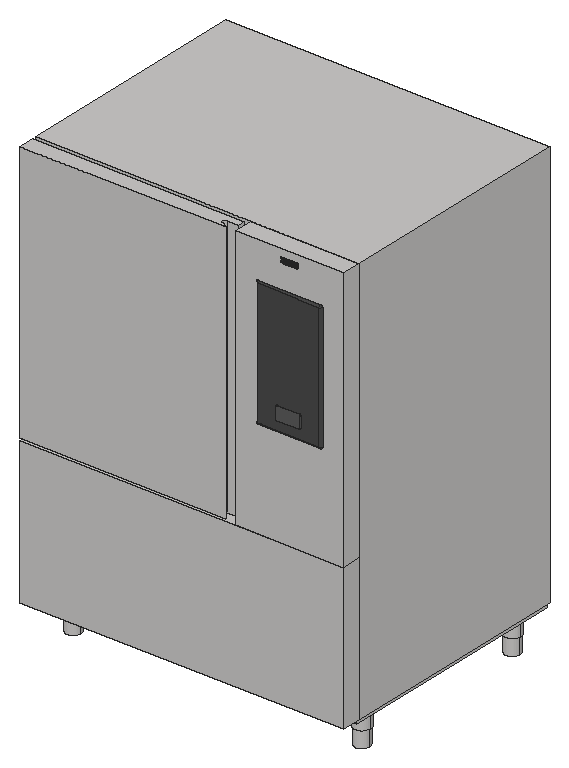
Revit family "QF_ZANUSSI_110549_ZBFA12E", category Specialty Equipment, Revit 2018 (continued)
Lines and regions (mm)
  Split face 233
    outline origin (170.176, -292.149, -108.618) x (-1, 0, 0) y (0, 0, -1)
      loop
        line (846.638, -548.639) -> (956.654, -548.639) -> (956.654, -543.665) -> (846.638, -543.665) -> (846.638, -548.639)
  Split face 234
    outline origin (170.176, -292.149, -99.118) x (-1, 0, 0) y (0, 0, -1)
      loop
        line (846.638, -548.639) -> (956.654, -548.639) -> (956.654, -543.665) -> (846.638, -543.665) -> (846.638, -548.639)
  Split face 235
    outline origin (170.176, -292.149, -89.618) x (-1, 0, 0) y (0, 0, -1)
      loop
        line (846.638, -548.639) -> (956.654, -548.639) -> (956.654, -543.665) -> (846.638, -543.665) -> (846.638, -548.639)
  Split face 236
    outline origin (170.176, -292.149, -80.117) x (-1, 0, 0) y (0, 0, -1)
      loop
        line (846.638, -548.639) -> (956.654, -548.639) -> (956.654, -543.665) -> (846.638, -543.665) -> (846.638, -548.639)
  Split face 237
    outline origin (170.176, -292.149, -70.617) x (-1, 0, 0) y (0, 0, -1)
      loop
        line (846.638, -548.639) -> (956.654, -548.639) -> (956.654, -543.665) -> (846.638, -543.665) -> (846.638, -548.639)
  Split face 238
    outline origin (170.176, -292.149, -61.117) x (-1, 0, 0) y (0, 0, -1)
      loop
        line (846.638, -548.639) -> (956.654, -548.639) -> (956.654, -543.665) -> (846.638, -543.665) -> (846.638, -548.639)
  Split face 239
    outline origin (170.176, -292.149, -51.617) x (-1, 0, 0) y (0, 0, -1)
      loop
        line (846.638, -548.639) -> (956.654, -548.639) -> (956.654, -543.665) -> (846.638, -543.665) -> (846.638, -548.639)
  Split face 240
    outline origin (170.176, -292.149, -42.117) x (-1, 0, 0) y (0, 0, -1)
      loop
        line (846.638, -548.639) -> (956.654, -548.639) -> (956.654, -543.665) -> (846.638, -543.665) -> (846.638, -548.639)
  Split face 241
    outline origin (170.176, -292.149, -32.617) x (-1, 0, 0) y (0, 0, -1)
      loop
        line (846.638, -548.639) -> (956.654, -548.639) -> (956.654, -543.665) -> (846.638, -543.665) -> (846.638, -548.639)
  Split face 242
    outline origin (170.176, -292.149, -23.117) x (-1, 0, 0) y (0, 0, -1)
      loop
        line (846.638, -548.639) -> (956.654, -548.639) -> (956.654, -543.665) -> (846.638, -543.665) -> (846.638, -548.639)
  Split face 243
    outline origin (170.176, -292.149, -13.617) x (-1, 0, 0) y (0, 0, -1)
      loop
        line (846.638, -548.639) -> (956.654, -548.639) -> (956.654, -543.665) -> (846.638, -543.665) -> (846.638, -548.639)
  Split face 244
    outline origin (170.176, -292.149, -4.117) x (-1, 0, 0) y (0, 0, -1)
      loop
        line (846.638, -548.639) -> (956.654, -548.639) -> (956.654, -543.665) -> (846.638, -543.665) -> (846.638, -548.639)
  Split face 245
    outline origin (170.176, -292.149, 5.383) x (-1, 0, 0) y (0, 0, -1)
      loop
        line (846.638, -548.639) -> (956.654, -548.639) -> (956.654, -543.665) -> (846.638, -543.665) -> (846.638, -548.639)
  Split face 246
    outline origin (170.176, -292.149, 14.883) x (-1, 0, 0) y (0, 0, -1)
      loop
        line (846.638, -548.639) -> (956.654, -548.639) -> (956.654, -543.665) -> (846.638, -543.665) -> (846.638, -548.639)
  Split face 247
    outline origin (50.185, -292.149, -365.12) x (-1, 0, 0) y (0, 0, -1)
      loop
        line (846.638, -548.639) -> (956.654, -548.639) -> (956.654, -543.665) -> (846.638, -543.665) -> (846.638, -548.639)
  Split face 248
    outline origin (50.185, -292.149, -355.62) x (-1, 0, 0) y (0, 0, -1)
      loop
        line (846.638, -548.639) -> (956.654, -548.639) -> (956.654, -543.665) -> (846.638, -543.665) -> (846.638, -548.639)
  Split face 249
    outline origin (50.185, -292.149, -346.12) x (-1, 0, 0) y (0, 0, -1)
      loop
        line (846.638, -548.639) -> (956.654, -548.639) -> (956.654, -543.665) -> (846.638, -543.665) -> (846.638, -548.639)
  Split face 250
    outline origin (50.185, -292.149, -336.62) x (-1, 0, 0) y (0, 0, -1)
      loop
        line (846.638, -548.639) -> (956.654, -548.639) -> (956.654, -543.665) -> (846.638, -543.665) -> (846.638, -548.639)
  Split face 251
    outline origin (50.185, -292.149, -327.12) x (-1, 0, 0) y (0, 0, -1)
      loop
        line (846.638, -548.639) -> (956.654, -548.639) -> (956.654, -543.665) -> (846.638, -543.665) -> (846.638, -548.639)
  Split face 252
    outline origin (50.185, -292.149, -317.619) x (-1, 0, 0) y (0, 0, -1)
      loop
        line (846.638, -548.639) -> (956.654, -548.639) -> (956.654, -543.665) -> (846.638, -543.665) -> (846.638, -548.639)
  Split face 253
    outline origin (50.185, -292.149, -308.119) x (-1, 0, 0) y (0, 0, -1)
      loop
        line (846.638, -548.639) -> (956.654, -548.639) -> (956.654, -543.665) -> (846.638, -543.665) -> (846.638, -548.639)
  Split face 254
    outline origin (50.185, -292.149, -298.619) x (-1, 0, 0) y (0, 0, -1)
      loop
        line (846.638, -548.639) -> (956.654, -548.639) -> (956.654, -543.665) -> (846.638, -543.665) -> (846.638, -548.639)
  Split face 255
    outline origin (50.185, -292.149, -289.119) x (-1, 0, 0) y (0, 0, -1)
      loop
        line (846.638, -548.639) -> (956.654, -548.639) -> (956.654, -543.665) -> (846.638, -543.665) -> (846.638, -548.639)
  Split face 256
    outline origin (50.185, -292.149, -279.619) x (-1, 0, 0) y (0, 0, -1)
      loop
        line (846.638, -548.639) -> (956.654, -548.639) -> (956.654, -543.665) -> (846.638, -543.665) -> (846.638, -548.639)
  Split face 257
    outline origin (50.185, -292.149, -270.119) x (-1, 0, 0) y (0, 0, -1)
      loop
        line (846.638, -548.639) -> (956.654, -548.639) -> (956.654, -543.665) -> (846.638, -543.665) -> (846.638, -548.639)
  Split face 258
    outline origin (50.185, -292.149, -260.619) x (-1, 0, 0) y (0, 0, -1)
      loop
        line (846.638, -548.639) -> (956.654, -548.639) -> (956.654, -543.665) -> (846.638, -543.665) -> (846.638, -548.639)
  Split face 259
    outline origin (50.185, -292.149, -251.119) x (-1, 0, 0) y (0, 0, -1)
      loop
        line (846.638, -548.639) -> (956.654, -548.639) -> (956.654, -543.665) -> (846.638, -543.665) -> (846.638, -548.639)
  Split face 260
    outline origin (50.185, -292.149, -241.619) x (-1, 0, 0) y (0, 0, -1)
      loop
        line (846.638, -548.639) -> (956.654, -548.639) -> (956.654, -543.665) -> (846.638, -543.665) -> (846.638, -548.639)
  Split face 261
    outline origin (50.185, -292.149, -232.119) x (-1, 0, 0) y (0, 0, -1)
      loop
        line (846.638, -548.639) -> (956.654, -548.639) -> (956.654, -543.665) -> (846.638, -543.665) -> (846.638, -548.639)
  Split face 262
    outline origin (50.185, -292.149, -222.619) x (-1, 0, 0) y (0, 0, -1)
      loop
        line (846.638, -548.639) -> (956.654, -548.639) -> (956.654, -543.665) -> (846.638, -543.665) -> (846.638, -548.639)
  Split face 263
    outline origin (50.185, -292.149, -213.119) x (-1, 0, 0) y (0, 0, -1)
      loop
        line (846.638, -548.639) -> (956.654, -548.639) -> (956.654, -543.665) -> (846.638, -543.665) -> (846.638, -548.639)
  Split face 264
    outline origin (50.185, -292.149, -203.619) x (-1, 0, 0) y (0, 0, -1)
      loop
        line (846.638, -548.639) -> (956.654, -548.639) -> (956.654, -543.665) -> (846.638, -543.665) -> (846.638, -548.639)
  Split face 265
    outline origin (50.185, -292.149, -194.118) x (-1, 0, 0) y (0, 0, -1)
      loop
        line (846.638, -548.639) -> (956.654, -548.639) -> (956.654, -543.665) -> (846.638, -543.665) -> (846.638, -548.639)
  Split face 266
    outline origin (50.185, -292.149, -184.618) x (-1, 0, 0) y (0, 0, -1)
      loop
        line (846.638, -548.639) -> (956.654, -548.639) -> (956.654, -543.665) -> (846.638, -543.665) -> (846.638, -548.639)
  Split face 267
    outline origin (50.185, -292.149, -175.118) x (-1, 0, 0) y (0, 0, -1)
      loop
        line (846.638, -548.639) -> (956.654, -548.639) -> (956.654, -543.665) -> (846.638, -543.665) -> (846.638, -548.639)
  Split face 268
    outline origin (50.185, -292.149, -165.618) x (-1, 0, 0) y (0, 0, -1)
      loop
        line (846.638, -548.639) -> (956.654, -548.639) -> (956.654, -543.665) -> (846.638, -543.665) -> (846.638, -548.639)
  Split face 269
    outline origin (50.185, -292.149, -156.118) x (-1, 0, 0) y (0, 0, -1)
      loop
        line (846.638, -548.639) -> (956.654, -548.639) -> (956.654, -543.665) -> (846.638, -543.665) -> (846.638, -548.639)
  Split face 270
    outline origin (50.185, -292.149, -146.618) x (-1, 0, 0) y (0, 0, -1)
      loop
        line (846.638, -548.639) -> (956.654, -548.639) -> (956.654, -543.665) -> (846.638, -543.665) -> (846.638, -548.639)
  Split face 271
    outline origin (50.185, -292.149, -137.118) x (-1, 0, 0) y (0, 0, -1)
      loop
        line (846.638, -548.639) -> (956.654, -548.639) -> (956.654, -543.665) -> (846.638, -543.665) -> (846.638, -548.639)
  Split face 272
    outline origin (50.185, -292.149, -127.618) x (-1, 0, 0) y (0, 0, -1)
      loop
        line (846.638, -548.639) -> (956.654, -548.639) -> (956.654, -543.665) -> (846.638, -543.665) -> (846.638, -548.639)
  Split face 273
    outline origin (50.185, -292.149, -118.118) x (-1, 0, 0) y (0, 0, -1)
      loop
        line (846.638, -548.639) -> (956.654, -548.639) -> (956.654, -543.665) -> (846.638, -543.665) -> (846.638, -548.639)
  Split face 274
    outline origin (50.185, -292.149, -108.618) x (-1, 0, 0) y (0, 0, -1)
      loop
        line (846.638, -548.639) -> (956.654, -548.639) -> (956.654, -543.665) -> (846.638, -543.665) -> (846.638, -548.639)
  Split face 275
    outline origin (50.185, -292.149, -99.118) x (-1, 0, 0) y (0, 0, -1)
      loop
        line (846.638, -548.639) -> (956.654, -548.639) -> (956.654, -543.665) -> (846.638, -543.665) -> (846.638, -548.639)
  Split face 276
    outline origin (50.185, -292.149, -89.618) x (-1, 0, 0) y (0, 0, -1)
      loop
        line (846.638, -548.639) -> (956.654, -548.639) -> (956.654, -543.665) -> (846.638, -543.665) -> (846.638, -548.639)
  Split face 277
    outline origin (50.185, -292.149, -80.117) x (-1, 0, 0) y (0, 0, -1)
      loop
        line (846.638, -548.639) -> (956.654, -548.639) -> (956.654, -543.665) -> (846.638, -543.665) -> (846.638, -548.639)
  Split face 278
    outline origin (50.185, -292.149, -70.617) x (-1, 0, 0) y (0, 0, -1)
      loop
        line (846.638, -548.639) -> (956.654, -548.639) -> (956.654, -543.665) -> (846.638, -543.665) -> (846.638, -548.639)
  Split face 279
    outline origin (50.185, -292.149, -61.117) x (-1, 0, 0) y (0, 0, -1)
      loop
        line (846.638, -548.639) -> (956.654, -548.639) -> (956.654, -543.665) -> (846.638, -543.665) -> (846.638, -548.639)
  Split face 280
    outline origin (50.185, -292.149, -51.617) x (-1, 0, 0) y (0, 0, -1)
      loop
        line (846.638, -548.639) -> (956.654, -548.639) -> (956.654, -543.665) -> (846.638, -543.665) -> (846.638, -548.639)
  Split face 281
    outline origin (50.185, -292.149, -42.117) x (-1, 0, 0) y (0, 0, -1)
      loop
        line (846.638, -548.639) -> (956.654, -548.639) -> (956.654, -543.665) -> (846.638, -543.665) -> (846.638, -548.639)
  Split face 282
    outline origin (50.185, -292.149, -32.617) x (-1, 0, 0) y (0, 0, -1)
      loop
        line (846.638, -548.639) -> (956.654, -548.639) -> (956.654, -543.665) -> (846.638, -543.665) -> (846.638, -548.639)
  Split face 283
    outline origin (50.185, -292.149, -23.117) x (-1, 0, 0) y (0, 0, -1)
      loop
        line (846.638, -548.639) -> (956.654, -548.639) -> (956.654, -543.665) -> (846.638, -543.665) -> (846.638, -548.639)
  Split face 284
    outline origin (50.185, -292.149, -13.617) x (-1, 0, 0) y (0, 0, -1)
      loop
        line (846.638, -548.639) -> (956.654, -548.639) -> (956.654, -543.665) -> (846.638, -543.665) -> (846.638, -548.639)
  Split face 285
    outline origin (50.185, -292.149, -4.117) x (-1, 0, 0) y (0, 0, -1)
      loop
        line (846.638, -548.639) -> (956.654, -548.639) -> (956.654, -543.665) -> (846.638, -543.665) -> (846.638, -548.639)
  Split face 286
    outline origin (50.185, -292.149, 5.383) x (-1, 0, 0) y (0, 0, -1)
      loop
        line (846.638, -548.639) -> (956.654, -548.639) -> (956.654, -543.665) -> (846.638, -543.665) -> (846.638, -548.639)
  Split face 287
    outline origin (50.185, -292.149, 14.883) x (-1, 0, 0) y (0, 0, -1)
      loop
        line (846.638, -548.639) -> (956.654, -548.639) -> (956.654, -543.665) -> (846.638, -543.665) -> (846.638, -548.639)
  Split face 288
    outline origin (530.15, -292.149, -365.12) x (-1, 0, 0) y (0, 0, -1)
      loop
        line (846.638, -548.639) -> (956.654, -548.639) -> (956.654, -543.665) -> (846.638, -543.665) -> (846.638, -548.639)
  Split face 289
    outline origin (530.15, -292.149, -355.62) x (-1, 0, 0) y (0, 0, -1)
      loop
        line (846.638, -548.639) -> (956.654, -548.639) -> (956.654, -543.665) -> (846.638, -543.665) -> (846.638, -548.639)
  Split face 290
    outline origin (530.15, -292.149, -346.12) x (-1, 0, 0) y (0, 0, -1)
      loop
        line (846.638, -548.639) -> (956.654, -548.639) -> (956.654, -543.665) -> (846.638, -543.665) -> (846.638, -548.639)
  Split face 291
    outline origin (530.15, -292.149, -336.62) x (-1, 0, 0) y (0, 0, -1)
      loop
        line (846.638, -548.639) -> (956.654, -548.639) -> (956.654, -543.665) -> (846.638, -543.665) -> (846.638, -548.639)
  Split face 292
    outline origin (530.15, -292.149, -327.12) x (-1, 0, 0) y (0, 0, -1)
      loop
        line (846.638, -548.639) -> (956.654, -548.639) -> (956.654, -543.665) -> (846.638, -543.665) -> (846.638, -548.639)
  Split face 293
    outline origin (530.15, -292.149, -317.619) x (-1, 0, 0) y (0, 0, -1)
      loop
        line (846.638, -548.639) -> (956.654, -548.639) -> (956.654, -543.665) -> (846.638, -543.665) -> (846.638, -548.639)
  Split face 294
    outline origin (530.15, -292.149, -308.119) x (-1, 0, 0) y (0, 0, -1)
      loop
        line (846.638, -548.639) -> (956.654, -548.639) -> (956.654, -543.665) -> (846.638, -543.665) -> (846.638, -548.639)
  Split face 295
    outline origin (530.15, -292.149, -298.619) x (-1, 0, 0) y (0, 0, -1)
      loop
        line (846.638, -548.639) -> (956.654, -548.639) -> (956.654, -543.665) -> (846.638, -543.665) -> (846.638, -548.639)
  Split face 296
    outline origin (530.15, -292.149, -289.119) x (-1, 0, 0) y (0, 0, -1)
      loop
        line (846.638, -548.639) -> (956.654, -548.639) -> (956.654, -543.665) -> (846.638, -543.665) -> (846.638, -548.639)
  Split face 297
    outline origin (530.15, -292.149, -279.619) x (-1, 0, 0) y (0, 0, -1)
      loop
        line (846.638, -548.639) -> (956.654, -548.639) -> (956.654, -543.665) -> (846.638, -543.665) -> (846.638, -548.639)
  Split face 298
    outline origin (530.15, -292.149, -270.119) x (-1, 0, 0) y (0, 0, -1)
      loop
        line (846.638, -548.639) -> (956.654, -548.639) -> (956.654, -543.665) -> (846.638, -543.665) -> (846.638, -548.639)
  Split face 299
    outline origin (530.15, -292.149, -260.619) x (-1, 0, 0) y (0, 0, -1)
      loop
        line (846.638, -548.639) -> (956.654, -548.639) -> (956.654, -543.665) -> (846.638, -543.665) -> (846.638, -548.639)
  Split face 300
    outline origin (530.15, -292.149, -251.119) x (-1, 0, 0) y (0, 0, -1)
      loop
        line (846.638, -548.639) -> (956.654, -548.639) -> (956.654, -543.665) -> (846.638, -543.665) -> (846.638, -548.639)
  Split face 301
    outline origin (530.15, -292.149, -241.619) x (-1, 0, 0) y (0, 0, -1)
      loop
        line (846.638, -548.639) -> (956.654, -548.639) -> (956.654, -543.665) -> (846.638, -543.665) -> (846.638, -548.639)
  Split face 302
    outline origin (530.15, -292.149, -232.119) x (-1, 0, 0) y (0, 0, -1)
      loop
        line (846.638, -548.639) -> (956.654, -548.639) -> (956.654, -543.665) -> (846.638, -543.665) -> (846.638, -548.639)
  Split face 303
    outline origin (530.15, -292.149, -222.619) x (-1, 0, 0) y (0, 0, -1)
      loop
        line (846.638, -548.639) -> (956.654, -548.639) -> (956.654, -543.665) -> (846.638, -543.665) -> (846.638, -548.639)
  Split face 304
    outline origin (530.15, -292.149, -213.119) x (-1, 0, 0) y (0, 0, -1)
      loop
        line (846.638, -548.639) -> (956.654, -548.639) -> (956.654, -543.665) -> (846.638, -543.665) -> (846.638, -548.639)
  Split face 305
    outline origin (530.15, -292.149, -203.619) x (-1, 0, 0) y (0, 0, -1)
      loop
        line (846.638, -548.639) -> (956.654, -548.639) -> (956.654, -543.665) -> (846.638, -543.665) -> (846.638, -548.639)
  Split face 306
    outline origin (530.15, -292.149, -194.118) x (-1, 0, 0) y (0, 0, -1)
      loop
        line (846.638, -548.639) -> (956.654, -548.639) -> (956.654, -543.665) -> (846.638, -543.665) -> (846.638, -548.639)
  Split face 307
    outline origin (530.15, -292.149, -184.618) x (-1, 0, 0) y (0, 0, -1)
      loop
        line (846.638, -548.639) -> (956.654, -548.639) -> (956.654, -543.665) -> (846.638, -543.665) -> (846.638, -548.639)
  Split face 308
    outline origin (530.15, -292.149, -175.118) x (-1, 0, 0) y (0, 0, -1)
      loop
        line (846.638, -548.639) -> (956.654, -548.639) -> (956.654, -543.665) -> (846.638, -543.665) -> (846.638, -548.639)
  Split face 309
    outline origin (530.15, -292.149, -165.618) x (-1, 0, 0) y (0, 0, -1)
      loop
        line (846.638, -548.639) -> (956.654, -548.639) -> (956.654, -543.665) -> (846.638, -543.665) -> (846.638, -548.639)
  Split face 310
    outline origin (530.15, -292.149, -156.118) x (-1, 0, 0) y (0, 0, -1)
      loop
        line (846.638, -548.639) -> (956.654, -548.639) -> (956.654, -543.665) -> (846.638, -543.665) -> (846.638, -548.639)
  Split face 311
    outline origin (530.15, -292.149, -146.618) x (-1, 0, 0) y (0, 0, -1)
      loop
        line (846.638, -548.639) -> (956.654, -548.639) -> (956.654, -543.665) -> (846.638, -543.665) -> (846.638, -548.639)
  Split face 312
    outline origin (530.15, -292.149, -137.118) x (-1, 0, 0) y (0, 0, -1)
      loop
        line (846.638, -548.639) -> (956.654, -548.639) -> (956.654, -543.665) -> (846.638, -543.665) -> (846.638, -548.639)
  Split face 313
    outline origin (530.15, -292.149, -127.618) x (-1, 0, 0) y (0, 0, -1)
      loop
        line (846.638, -548.639) -> (956.654, -548.639) -> (956.654, -543.665) -> (846.638, -543.665) -> (846.638, -548.639)
  Split face 314
    outline origin (530.15, -292.149, -118.118) x (-1, 0, 0) y (0, 0, -1)
      loop
        line (846.638, -548.639) -> (956.654, -548.639) -> (956.654, -543.665) -> (846.638, -543.665) -> (846.638, -548.639)
  Split face 315
    outline origin (530.15, -292.149, -108.618) x (-1, 0, 0) y (0, 0, -1)
      loop
        line (846.638, -548.639) -> (956.654, -548.639) -> (956.654, -543.665) -> (846.638, -543.665) -> (846.638, -548.639)
  Split face 316
    outline origin (530.15, -292.149, -99.118) x (-1, 0, 0) y (0, 0, -1)
      loop
        line (846.638, -548.639) -> (956.654, -548.639) -> (956.654, -543.665) -> (846.638, -543.665) -> (846.638, -548.639)
  Split face 317
    outline origin (530.15, -292.149, -89.618) x (-1, 0, 0) y (0, 0, -1)
      loop
        line (846.638, -548.639) -> (956.654, -548.639) -> (956.654, -543.665) -> (846.638, -543.665) -> (846.638, -548.639)
  Split face 318
    outline origin (530.15, -292.149, -80.117) x (-1, 0, 0) y (0, 0, -1)
      loop
        line (846.638, -548.639) -> (956.654, -548.639) -> (956.654, -543.665) -> (846.638, -543.665) -> (846.638, -548.639)
  Split face 319
    outline origin (530.15, -292.149, -70.617) x (-1, 0, 0) y (0, 0, -1)
      loop
        line (846.638, -548.639) -> (956.654, -548.639) -> (956.654, -543.665) -> (846.638, -543.665) -> (846.638, -548.639)
  Split face 320
    outline origin (530.15, -292.149, -61.117) x (-1, 0, 0) y (0, 0, -1)
      loop
        line (846.638, -548.639) -> (956.654, -548.639) -> (956.654, -543.665) -> (846.638, -543.665) -> (846.638, -548.639)
  Split face 321
    outline origin (530.15, -292.149, -51.617) x (-1, 0, 0) y (0, 0, -1)
      loop
        line (846.638, -548.639) -> (956.654, -548.639) -> (956.654, -543.665) -> (846.638, -543.665) -> (846.638, -548.639)
  Split face 322
    outline origin (530.15, -292.149, -42.117) x (-1, 0, 0) y (0, 0, -1)
      loop
        line (846.638, -548.639) -> (956.654, -548.639) -> (956.654, -543.665) -> (846.638, -543.665) -> (846.638, -548.639)
  Split face 323
    outline origin (530.15, -292.149, -32.617) x (-1, 0, 0) y (0, 0, -1)
      loop
        line (846.638, -548.639) -> (956.654, -548.639) -> (956.654, -543.665) -> (846.638, -543.665) -> (846.638, -548.639)
  Split face 324
    outline origin (530.15, -292.149, -23.117) x (-1, 0, 0) y (0, 0, -1)
      loop
        line (846.638, -548.639) -> (956.654, -548.639) -> (956.654, -543.665) -> (846.638, -543.665) -> (846.638, -548.639)
  Split face 325
    outline origin (530.15, -292.149, -13.617) x (-1, 0, 0) y (0, 0, -1)
      loop
        line (846.638, -548.639) -> (956.654, -548.639) -> (956.654, -543.665) -> (846.638, -543.665) -> (846.638, -548.639)
  Split face 326
    outline origin (530.15, -292.149, -4.117) x (-1, 0, 0) y (0, 0, -1)
      loop
        line (846.638, -548.639) -> (956.654, -548.639) -> (956.654, -543.665) -> (846.638, -543.665) -> (846.638, -548.639)
  Split face 327
    outline origin (530.15, -292.149, 5.383) x (-1, 0, 0) y (0, 0, -1)
      loop
        line (846.638, -548.639) -> (956.654, -548.639) -> (956.654, -543.665) -> (846.638, -543.665) -> (846.638, -548.639)
  Split face 328
    outline origin (530.15, -292.149, 14.883) x (-1, 0, 0) y (0, 0, -1)
      loop
        line (846.638, -548.639) -> (956.654, -548.639) -> (956.654, -543.665) -> (846.638, -543.665) -> (846.638, -548.639)
  Split face 329
    outline origin (410.159, -292.149, -365.12) x (-1, 0, 0) y (0, 0, -1)
      loop
        line (846.638, -548.639) -> (956.654, -548.639) -> (956.654, -543.665) -> (846.638, -543.665) -> (846.638, -548.639)
  Split face 330
    outline origin (410.159, -292.149, -355.62) x (-1, 0, 0) y (0, 0, -1)
      loop
        line (846.638, -548.639) -> (956.654, -548.639) -> (956.654, -543.665) -> (846.638, -543.665) -> (846.638, -548.639)
  Split face 331
    outline origin (410.159, -292.149, -346.12) x (-1, 0, 0) y (0, 0, -1)
      loop
        line (846.638, -548.639) -> (956.654, -548.639) -> (956.654, -543.665) -> (846.638, -543.665) -> (846.638, -548.639)
  Split face 332
    outline origin (410.159, -292.149, -336.62) x (-1, 0, 0) y (0, 0, -1)
      loop
        line (846.638, -548.639) -> (956.654, -548.639) -> (956.654, -543.665) -> (846.638, -543.665) -> (846.638, -548.639)
  Split face 333
    outline origin (410.159, -292.149, -327.12) x (-1, 0, 0) y (0, 0, -1)
      loop
        line (846.638, -548.639) -> (956.654, -548.639) -> (956.654, -543.665) -> (846.638, -543.665) -> (846.638, -548.639)
  Split face 334
    outline origin (410.159, -292.149, -317.619) x (-1, 0, 0) y (0, 0, -1)
      loop
        line (846.638, -548.639) -> (956.654, -548.639) -> (956.654, -543.665) -> (846.638, -543.665) -> (846.638, -548.639)
  Split face 335
    outline origin (410.159, -292.149, -308.119) x (-1, 0, 0) y (0, 0, -1)
      loop
        line (846.638, -548.639) -> (956.654, -548.639) -> (956.654, -543.665) -> (846.638, -543.665) -> (846.638, -548.639)
  Split face 336
    outline origin (410.159, -292.149, -298.619) x (-1, 0, 0) y (0, 0, -1)
      loop
        line (846.638, -548.639) -> (956.654, -548.639) -> (956.654, -543.665) -> (846.638, -543.665) -> (846.638, -548.639)
  Split face 337
    outline origin (410.159, -292.149, -289.119) x (-1, 0, 0) y (0, 0, -1)
      loop
        line (846.638, -548.639) -> (956.654, -548.639) -> (956.654, -543.665) -> (846.638, -543.665) -> (846.638, -548.639)
  Split face 338
    outline origin (410.159, -292.149, -279.619) x (-1, 0, 0) y (0, 0, -1)
      loop
        line (846.638, -548.639) -> (956.654, -548.639) -> (956.654, -543.665) -> (846.638, -543.665) -> (846.638, -548.639)
  Split face 339
    outline origin (410.159, -292.149, -270.119) x (-1, 0, 0) y (0, 0, -1)
      loop
        line (846.638, -548.639) -> (956.654, -548.639) -> (956.654, -543.665) -> (846.638, -543.665) -> (846.638, -548.639)
  Split face 340
    outline origin (410.159, -292.149, -260.619) x (-1, 0, 0) y (0, 0, -1)
      loop
        line (846.638, -548.639) -> (956.654, -548.639) -> (956.654, -543.665) -> (846.638, -543.665) -> (846.638, -548.639)
  Split face 341
    outline origin (410.159, -292.149, -251.119) x (-1, 0, 0) y (0, 0, -1)
      loop
        line (846.638, -548.639) -> (956.654, -548.639) -> (956.654, -543.665) -> (846.638, -543.665) -> (846.638, -548.639)
  Split face 342
    outline origin (410.159, -292.149, -241.619) x (-1, 0, 0) y (0, 0, -1)
      loop
        line (846.638, -548.639) -> (956.654, -548.639) -> (956.654, -543.665) -> (846.638, -543.665) -> (846.638, -548.639)
  Split face 343
    outline origin (410.159, -292.149, -232.119) x (-1, 0, 0) y (0, 0, -1)
      loop
        line (846.638, -548.639) -> (956.654, -548.639) -> (956.654, -543.665) -> (846.638, -543.665) -> (846.638, -548.639)
  Split face 344
    outline origin (410.159, -292.149, -222.619) x (-1, 0, 0) y (0, 0, -1)
      loop
        line (846.638, -548.639) -> (956.654, -548.639) -> (956.654, -543.665) -> (846.638, -543.665) -> (846.638, -548.639)
  Split face 345
    outline origin (410.159, -292.149, -213.119) x (-1, 0, 0) y (0, 0, -1)
      loop
        line (846.638, -548.639) -> (956.654, -548.639) -> (956.654, -543.665) -> (846.638, -543.665) -> (846.638, -548.639)
  Split face 346
    outline origin (410.159, -292.149, -203.619) x (-1, 0, 0) y (0, 0, -1)
      loop
        line (846.638, -548.639) -> (956.654, -548.639) -> (956.654, -543.665) -> (846.638, -543.665) -> (846.638, -548.639)
  Split face 347
    outline origin (410.159, -292.149, -194.118) x (-1, 0, 0) y (0, 0, -1)
      loop
        line (846.638, -548.639) -> (956.654, -548.639) -> (956.654, -543.665) -> (846.638, -543.665) -> (846.638, -548.639)
  Split face 348
    outline origin (410.159, -292.149, -184.618) x (-1, 0, 0) y (0, 0, -1)
      loop
        line (846.638, -548.639) -> (956.654, -548.639) -> (956.654, -543.665) -> (846.638, -543.665) -> (846.638, -548.639)
  Split face 349
    outline origin (410.159, -292.149, -175.118) x (-1, 0, 0) y (0, 0, -1)
      loop
        line (846.638, -548.639) -> (956.654, -548.639) -> (956.654, -543.665) -> (846.638, -543.665) -> (846.638, -548.639)
  Split face 350
    outline origin (410.159, -292.149, -165.618) x (-1, 0, 0) y (0, 0, -1)
      loop
        line (846.638, -548.639) -> (956.654, -548.639) -> (956.654, -543.665) -> (846.638, -543.665) -> (846.638, -548.639)
  Split face 351
    outline origin (410.159, -292.149, -156.118) x (-1, 0, 0) y (0, 0, -1)
      loop
        line (846.638, -548.639) -> (956.654, -548.639) -> (956.654, -543.665) -> (846.638, -543.665) -> (846.638, -548.639)
  Split face 352
    outline origin (410.159, -292.149, -146.618) x (-1, 0, 0) y (0, 0, -1)
      loop
        line (846.638, -548.639) -> (956.654, -548.639) -> (956.654, -543.665) -> (846.638, -543.665) -> (846.638, -548.639)
  Split face 353
    outline origin (410.159, -292.149, -137.118) x (-1, 0, 0) y (0, 0, -1)
      loop
        line (846.638, -548.639) -> (956.654, -548.639) -> (956.654, -543.665) -> (846.638, -543.665) -> (846.638, -548.639)
  Split face 354
    outline origin (410.159, -292.149, -127.618) x (-1, 0, 0) y (0, 0, -1)
      loop
        line (846.638, -548.639) -> (956.654, -548.639) -> (956.654, -543.665) -> (846.638, -543.665) -> (846.638, -548.639)
  Split face 355
    outline origin (410.159, -292.149, -118.118) x (-1, 0, 0) y (0, 0, -1)
      loop
        line (846.638, -548.639) -> (956.654, -548.639) -> (956.654, -543.665) -> (846.638, -543.665) -> (846.638, -548.639)
  Split face 356
    outline origin (410.159, -292.149, -108.618) x (-1, 0, 0) y (0, 0, -1)
      loop
        line (846.638, -548.639) -> (956.654, -548.639) -> (956.654, -543.665) -> (846.638, -543.665) -> (846.638, -548.639)
  Split face 357
    outline origin (410.159, -292.149, -99.118) x (-1, 0, 0) y (0, 0, -1)
      loop
        line (846.638, -548.639) -> (956.654, -548.639) -> (956.654, -543.665) -> (846.638, -543.665) -> (846.638, -548.639)
  Split face 358
    outline origin (410.159, -292.149, -89.618) x (-1, 0, 0) y (0, 0, -1)
      loop
        line (846.638, -548.639) -> (956.654, -548.639) -> (956.654, -543.665) -> (846.638, -543.665) -> (846.638, -548.639)
  Split face 359
    outline origin (410.159, -292.149, -80.117) x (-1, 0, 0) y (0, 0, -1)
      loop
        line (846.638, -548.639) -> (956.654, -548.639) -> (956.654, -543.665) -> (846.638, -543.665) -> (846.638, -548.639)
  Split face 360
    outline origin (410.159, -292.149, -70.617) x (-1, 0, 0) y (0, 0, -1)
      loop
        line (846.638, -548.639) -> (956.654, -548.639) -> (956.654, -543.665) -> (846.638, -543.665) -> (846.638, -548.639)
  Split face 361
    outline origin (410.159, -292.149, -61.117) x (-1, 0, 0) y (0, 0, -1)
      loop
        line (846.638, -548.639) -> (956.654, -548.639) -> (956.654, -543.665) -> (846.638, -543.665) -> (846.638, -548.639)
  Split face 362
    outline origin (410.159, -292.149, -51.617) x (-1, 0, 0) y (0, 0, -1)
      loop
        line (846.638, -548.639) -> (956.654, -548.639) -> (956.654, -543.665) -> (846.638, -543.665) -> (846.638, -548.639)
  Split face 363
    outline origin (410.159, -292.149, -42.117) x (-1, 0, 0) y (0, 0, -1)
      loop
        line (846.638, -548.639) -> (956.654, -548.639) -> (956.654, -543.665) -> (846.638, -543.665) -> (846.638, -548.639)
  Split face 364
    outline origin (410.159, -292.149, -32.617) x (-1, 0, 0) y (0, 0, -1)
      loop
        line (846.638, -548.639) -> (956.654, -548.639) -> (956.654, -543.665) -> (846.638, -543.665) -> (846.638, -548.639)
  Split face 365
    outline origin (410.159, -292.149, -23.117) x (-1, 0, 0) y (0, 0, -1)
      loop
        line (846.638, -548.639) -> (956.654, -548.639) -> (956.654, -543.665) -> (846.638, -543.665) -> (846.638, -548.639)
  Split face 366
    outline origin (410.159, -292.149, -13.617) x (-1, 0, 0) y (0, 0, -1)
      loop
        line (846.638, -548.639) -> (956.654, -548.639) -> (956.654, -543.665) -> (846.638, -543.665) -> (846.638, -548.639)
  Split face 367
    outline origin (410.159, -292.149, -4.117) x (-1, 0, 0) y (0, 0, -1)
      loop
        line (846.638, -548.639) -> (956.654, -548.639) -> (956.654, -543.665) -> (846.638, -543.665) -> (846.638, -548.639)
  Split face 368
    outline origin (410.159, -292.149, 5.383) x (-1, 0, 0) y (0, 0, -1)
      loop
        line (846.638, -548.639) -> (956.654, -548.639) -> (956.654, -543.665) -> (846.638, -543.665) -> (846.638, -548.639)
  Split face 369
    outline origin (410.159, -292.149, 14.883) x (-1, 0, 0) y (0, 0, -1)
      loop
        line (846.638, -548.639) -> (956.654, -548.639) -> (956.654, -543.665) -> (846.638, -543.665) -> (846.638, -548.639)
  Split face 370
    outline origin (650.142, -292.149, -365.12) x (-1, 0, 0) y (0, 0, -1)
      loop
        line (846.638, -548.639) -> (956.654, -548.639) -> (956.654, -543.665) -> (846.638, -543.665) -> (846.638, -548.639)
  Split face 371
    outline origin (650.142, -292.149, -355.62) x (-1, 0, 0) y (0, 0, -1)
      loop
        line (846.638, -548.639) -> (956.654, -548.639) -> (956.654, -543.665) -> (846.638, -543.665) -> (846.638, -548.639)
  Split face 372
    outline origin (650.142, -292.149, -346.12) x (-1, 0, 0) y (0, 0, -1)
      loop
        line (846.638, -548.639) -> (956.654, -548.639) -> (956.654, -543.665) -> (846.638, -543.665) -> (846.638, -548.639)
  Split face 373
    outline origin (650.142, -292.149, -336.62) x (-1, 0, 0) y (0, 0, -1)
      loop
        line (846.638, -548.639) -> (956.654, -548.639) -> (956.654, -543.665) -> (846.638, -543.665) -> (846.638, -548.639)
  Split face 374
    outline origin (650.142, -292.149, -327.12) x (-1, 0, 0) y (0, 0, -1)
      loop
        line (846.638, -548.639) -> (956.654, -548.639) -> (956.654, -543.665) -> (846.638, -543.665) -> (846.638, -548.639)
  Split face 375
    outline origin (650.142, -292.149, -317.619) x (-1, 0, 0) y (0, 0, -1)
      loop
        line (846.638, -548.639) -> (956.654, -548.639) -> (956.654, -543.665) -> (846.638, -543.665) -> (846.638, -548.639)
  Split face 376
    outline origin (650.142, -292.149, -308.119) x (-1, 0, 0) y (0, 0, -1)
      loop
        line (846.638, -548.639) -> (956.654, -548.639) -> (956.654, -543.665) -> (846.638, -543.665) -> (846.638, -548.639)
  Split face 377
    outline origin (650.142, -292.149, -298.619) x (-1, 0, 0) y (0, 0, -1)
      loop
        line (846.638, -548.639) -> (956.654, -548.639) -> (956.654, -543.665) -> (846.638, -543.665) -> (846.638, -548.639)
  Split face 378
    outline origin (650.142, -292.149, -289.119) x (-1, 0, 0) y (0, 0, -1)
      loop
        line (846.638, -548.639) -> (956.654, -548.639) -> (956.654, -543.665) -> (846.638, -543.665) -> (846.638, -548.639)
  Split face 379
    outline origin (650.142, -292.149, -279.619) x (-1, 0, 0) y (0, 0, -1)
      loop
        line (846.638, -548.639) -> (956.654, -548.639) -> (956.654, -543.665) -> (846.638, -543.665) -> (846.638, -548.639)
  Split face 380
    outline origin (650.142, -292.149, -270.119) x (-1, 0, 0) y (0, 0, -1)
      loop
        line (846.638, -548.639) -> (956.654, -548.639) -> (956.654, -543.665) -> (846.638, -543.665) -> (846.638, -548.639)
  Split face 381
    outline origin (650.142, -292.149, -260.619) x (-1, 0, 0) y (0, 0, -1)
      loop
        line (846.638, -548.639) -> (956.654, -548.639) -> (956.654, -543.665) -> (846.638, -543.665) -> (846.638, -548.639)
  Split face 382
    outline origin (650.142, -292.149, -251.119) x (-1, 0, 0) y (0, 0, -1)
      loop
        line (846.638, -548.639) -> (956.654, -548.639) -> (956.654, -543.665) -> (846.638, -543.665) -> (846.638, -548.639)
  Split face 383
    outline origin (650.142, -292.149, -241.619) x (-1, 0, 0) y (0, 0, -1)
      loop
        line (846.638, -548.639) -> (956.654, -548.639) -> (956.654, -543.665) -> (846.638, -543.665) -> (846.638, -548.639)
  Split face 384
    outline origin (650.142, -292.149, -232.119) x (-1, 0, 0) y (0, 0, -1)
      loop
        line (846.638, -548.639) -> (956.654, -548.639) -> (956.654, -543.665) -> (846.638, -543.665) -> (846.638, -548.639)
  Split face 385
    outline origin (650.142, -292.149, -222.619) x (-1, 0, 0) y (0, 0, -1)
      loop
        line (846.638, -548.639) -> (956.654, -548.639) -> (956.654, -543.665) -> (846.638, -543.665) -> (846.638, -548.639)
  Split face 386
    outline origin (650.142, -292.149, -213.119) x (-1, 0, 0) y (0, 0, -1)
      loop
        line (846.638, -548.639) -> (956.654, -548.639) -> (956.654, -543.665) -> (846.638, -543.665) -> (846.638, -548.639)
  Split face 387
    outline origin (650.142, -292.149, -203.619) x (-1, 0, 0) y (0, 0, -1)
      loop
        line (846.638, -548.639) -> (956.654, -548.639) -> (956.654, -543.665) -> (846.638, -543.665) -> (846.638, -548.639)
  Split face 388
    outline origin (650.142, -292.149, -194.118) x (-1, 0, 0) y (0, 0, -1)
      loop
        line (846.638, -548.639) -> (956.654, -548.639) -> (956.654, -543.665) -> (846.638, -543.665) -> (846.638, -548.639)
  Split face 389
    outline origin (650.142, -292.149, -184.618) x (-1, 0, 0) y (0, 0, -1)
      loop
        line (846.638, -548.639) -> (956.654, -548.639) -> (956.654, -543.665) -> (846.638, -543.665) -> (846.638, -548.639)
  Split face 390
    outline origin (650.142, -292.149, -175.118) x (-1, 0, 0) y (0, 0, -1)
      loop
        line (846.638, -548.639) -> (956.654, -548.639) -> (956.654, -543.665) -> (846.638, -543.665) -> (846.638, -548.639)
  Split face 391
    outline origin (650.142, -292.149, -165.618) x (-1, 0, 0) y (0, 0, -1)
      loop
        line (846.638, -548.639) -> (956.654, -548.639) -> (956.654, -543.665) -> (846.638, -543.665) -> (846.638, -548.639)
  Split face 392
    outline origin (650.142, -292.149, -156.118) x (-1, 0, 0) y (0, 0, -1)
      loop
        line (846.638, -548.639) -> (956.654, -548.639) -> (956.654, -543.665) -> (846.638, -543.665) -> (846.638, -548.639)
  Split face 393
    outline origin (650.142, -292.149, -146.618) x (-1, 0, 0) y (0, 0, -1)
      loop
        line (846.638, -548.639) -> (956.654, -548.639) -> (956.654, -543.665) -> (846.638, -543.665) -> (846.638, -548.639)
  Split face 394
    outline origin (650.142, -292.149, -137.118) x (-1, 0, 0) y (0, 0, -1)
      loop
        line (846.638, -548.639) -> (956.654, -548.639) -> (956.654, -543.665) -> (846.638, -543.665) -> (846.638, -548.639)
  Split face 395
    outline origin (650.142, -292.149, -127.618) x (-1, 0, 0) y (0, 0, -1)
      loop
        line (846.638, -548.639) -> (956.654, -548.639) -> (956.654, -543.665) -> (846.638, -543.665) -> (846.638, -548.639)
  Split face 396
    outline origin (650.142, -292.149, -118.118) x (-1, 0, 0) y (0, 0, -1)
      loop
        line (846.638, -548.639) -> (956.654, -548.639) -> (956.654, -543.665) -> (846.638, -543.665) -> (846.638, -548.639)
  Split face 397
    outline origin (650.142, -292.149, -108.618) x (-1, 0, 0) y (0, 0, -1)
      loop
        line (846.638, -548.639) -> (956.654, -548.639) -> (956.654, -543.665) -> (846.638, -543.665) -> (846.638, -548.639)
  Split face 398
    outline origin (650.142, -292.149, -99.118) x (-1, 0, 0) y (0, 0, -1)
      loop
        line (846.638, -548.639) -> (956.654, -548.639) -> (956.654, -543.665) -> (846.638, -543.665) -> (846.638, -548.639)
  Split face 399
    outline origin (650.142, -292.149, -89.618) x (-1, 0, 0) y (0, 0, -1)
      loop
        line (846.638, -548.639) -> (956.654, -548.639) -> (956.654, -543.665) -> (846.638, -543.665) -> (846.638, -548.639)
  Split face 400
    outline origin (650.142, -292.149, -80.117) x (-1, 0, 0) y (0, 0, -1)
      loop
        line (846.638, -548.639) -> (956.654, -548.639) -> (956.654, -543.665) -> (846.638, -543.665) -> (846.638, -548.639)
  Split face 401
    outline origin (650.142, -292.149, -70.617) x (-1, 0, 0) y (0, 0, -1)
      loop
        line (846.638, -548.639) -> (956.654, -548.639) -> (956.654, -543.665) -> (846.638, -543.665) -> (846.638, -548.639)
  Split face 402
    outline origin (650.142, -292.149, -61.117) x (-1, 0, 0) y (0, 0, -1)
      loop
        line (846.638, -548.639) -> (956.654, -548.639) -> (956.654, -543.665) -> (846.638, -543.665) -> (846.638, -548.639)
  Split face 403
    outline origin (650.142, -292.149, -51.617) x (-1, 0, 0) y (0, 0, -1)
      loop
        line (846.638, -548.639) -> (956.654, -548.639) -> (956.654, -543.665) -> (846.638, -543.665) -> (846.638, -548.639)
  Split face 404
    outline origin (650.142, -292.149, -42.117) x (-1, 0, 0) y (0, 0, -1)
      loop
        line (846.638, -548.639) -> (956.654, -548.639) -> (956.654, -543.665) -> (846.638, -543.665) -> (846.638, -548.639)
  Split face 405
    outline origin (650.142, -292.149, -32.617) x (-1, 0, 0) y (0, 0, -1)
      loop
        line (846.638, -548.639) -> (956.654, -548.639) -> (956.654, -543.665) -> (846.638, -543.665) -> (846.638, -548.639)
  Split face 406
    outline origin (650.142, -292.149, -23.117) x (-1, 0, 0) y (0, 0, -1)
      loop
        line (846.638, -548.639) -> (956.654, -548.639) -> (956.654, -543.665) -> (846.638, -543.665) -> (846.638, -548.639)
  Split face 407
    outline origin (650.142, -292.149, -13.617) x (-1, 0, 0) y (0, 0, -1)
      loop
        line (846.638, -548.639) -> (956.654, -548.639) -> (956.654, -543.665) -> (846.638, -543.665) -> (846.638, -548.639)
  Split face 408
    outline origin (650.142, -292.149, -4.117) x (-1, 0, 0) y (0, 0, -1)
      loop
        line (846.638, -548.639) -> (956.654, -548.639) -> (956.654, -543.665) -> (846.638, -543.665) -> (846.638, -548.639)
  Split face 409
    outline origin (650.142, -292.149, 5.383) x (-1, 0, 0) y (0, 0, -1)
      loop
        line (846.638, -548.639) -> (956.654, -548.639) -> (956.654, -543.665) -> (846.638, -543.665) -> (846.638, -548.639)
  Split face 410
    outline origin (650.142, -292.149, 14.883) x (-1, 0, 0) y (0, 0, -1)
      loop
        line (846.638, -548.639) -> (956.654, -548.639) -> (956.654, -543.665) -> (846.638, -543.665) -> (846.638, -548.639)
  symbolic lines
    curve 1: line (-936.5, 703.851, 1730) -> (313.5, 703.851, 1730)
    curve 2: line (-936.5, -216.149, 1730) -> (-936.5, 703.851, 1730)
    curve 3: line (313.5, -292.149, 1730) -> (-103.5, -292.149, 1730)
    curve 4: line (313.5, 703.851, 1730) -> (313.5, -292.149, 1730)
    curve 5: line (-26.102, 703.851, 1730) -> (-18.01, 795.851, 1730)
    curve 6: line (-18.01, 795.851, 1730) -> (146.222, 795.851, 1730)
    curve 7: line (146.222, 795.851, 1730) -> (154.314, 703.851, 1730)
    curve 8: line (210, 732.851, 1730) -> (231, 732.851, 1730)
    curve 9: line (231, 732.851, 1730) -> (231, 703.851, 1730)
    curve 10: line (210, 732.851, 1730) -> (210, 703.851, 1730)
    curve 11: line (224, -297.149, 1730) -> (-14, -297.149, 1730)
    curve 12: line (-14, -297.149, 1730) -> (-22, -292.149, 1730)
    curve 13: line (224, -297.149, 1730) -> (232, -292.149, 1730)
    curve 18: line (-103.5, -292.149, 0) -> (-103.5, -216.149, 0)
    curve 19: line (-103.5, -216.149, 0) -> (-936.5, -216.149, 0)
    curve 20: line (-936.5, -232.149, 0) -> (-118.3, -232.149, 0)
    curve 21: line (-936.5, -292.149, 0) -> (-936.5, -232.149, 0)
    curve 22: line (-140.262, -292.149, 0) -> (-936.5, -292.149, 0)
    curve 23: line (-118.3, -232.149, 0) -> (-118.3, -259.922, 0)
    curve 24: arc (-163.608, -259.922, 0) -> (-171.732, -266.056, 0) -> (-167.968, -275.514, 0) r 8.395
    curve 25: line (-118.3, -259.922, 0) -> (-163.608, -259.922, 0)
    curve 26: line (-167.968, -275.514, 0) -> (-140.262, -292.149, 0)
  symbolic lines, style "QF_Door-Drawer Clearances", visible <- "Show Clearance"
    curve 14: arc (-118.3, -292.149, 1730) -> (-346.842, -832.215, 1730) -> (-883.5, -1068.649, 1730) r 795
    curve 15: line (-943.5, -1046.687, 1730) -> (-943.5, -292.149, 1730)
    curve 16: line (-883.5, -1068.649, 1730) -> (-911.273, -1068.649, 1730)
    curve 17: line (-883.5, -1068.649, 1730) -> (-883.5, -292.149, 1730)
  symbolic lines, style "QF_Door-Drawer Clearances"
    curve 27: line (-911.273, -1068.649, 0) -> (-911.273, -1023.341, 0)
    curve 28: arc (-911.273, -1023.341, 0) -> (-917.407, -1015.217, 0) -> (-926.865, -1018.981, 0) r 8.395
    curve 29: line (-926.865, -1018.981, 0) -> (-943.5, -1046.687, 0)
Dimensions and locks
  plane 4 "BACK" to plane 5 "FRONT" = 996 mm
  equal spacing: plane 4 "BACK", plane 1 "Center X", plane 5 "FRONT"
  Extrusion 3 sketch curve to Extrusion 9 = 93 mm
  level to Extrusion 3 sketch curve = 593 mm
  plane 4 "BACK" to Extrusion 6 sketch curve = 488 mm
  Extrusion 6 sketch curve to plane 11 "RIGHT" = 680 mm
  aligned and locked: level to plane 2
  aligned and locked: nested 4 to plane 8
  aligned and locked: nested 3 to plane 8
  aligned and locked: plane 13 to nested 4
  aligned and locked: nested 2 to plane 14
  aligned and locked: nested 3 to plane 14
  aligned and locked: nested 1 to plane 15
  aligned and locked: nested 2 to plane 15
Automatic sketch dimensions
  Extrusion 1 sketch curve to plane 4 "BACK" = 0 mm
  Extrusion 1 sketch curve to plane 11 "RIGHT" = 0 mm
  Extrusion 1 sketch curve to plane 12 "LEFT" = 0 mm
  Extrusion 2 sketch curve to plane 4 "BACK" = 0 mm
  Extrusion 2 sketch curve to plane 9 = 0 mm  (x5)
  Extrusion 2 sketch curve to plane 9 = 10 mm
  Extrusion 2 sketch curve to plane 9 = 8 mm
  Extrusion 2 sketch curve to plane 9 = 7.305 mm
  Extrusion 2 sketch curve to plane 9 = 4.997 mm
  plane 9 to Extrusion 2 sketch curve = 8.773 mm  (x4)
  plane 6 to Extrusion 2 sketch curve = 521.023 mm
  Extrusion 2 sketch curve to Extrusion 2 sketch curve = 7.476 mm
  Extrusion 2 sketch curve to Extrusion 2 sketch curve = 25.474 mm
  Extrusion 2 sketch curve to Extrusion 2 sketch curve = 9.313 mm  (x4)
  Extrusion 2 sketch curve to Extrusion 2 sketch curve = 31.38 mm  (x3)
  Extrusion 2 sketch curve to Extrusion 2 sketch curve = 32.916 mm
  Extrusion 2 sketch curve to Extrusion 2 sketch curve = 50.851 mm
  Extrusion 4 sketch curve to plane 11 "RIGHT" = 0 mm
  Extrusion 4 sketch curve to plane 5 "FRONT" = 0 mm
  Extrusion 4 sketch curve to plane 12 "LEFT" = 0 mm
  Extrusion 4 sketch curve to Extrusion 4 sketch curve = 75 mm
  Extrusion 5 sketch curve to plane 4 "BACK" = 0 mm
  Extrusion 5 sketch curve to plane 14 = 58 mm
  Extrusion 5 sketch curve to plane 13 = 58 mm
  Split face 1 sketch curve to Extrusion 4 = 30.031 mm
  Split face 1 sketch curve to Extrusion 4 = 28.525 mm
  Split face 1 sketch curve to Split face 1 sketch curve = 110.016 mm
  Split face 1 sketch curve to Split face 1 sketch curve = 4.974 mm
  Extrusion 7 sketch curve to plane 4 "BACK" = 0 mm  (x2)
  Extrusion 7 sketch curve to plane 9 = 0 mm  (x2)
  plane 14 to Extrusion 7 sketch curve = 90.555 mm
  Extrusion 7 sketch curve to Extrusion 7 sketch curve = 1.631 mm  (x2)
  Extrusion 7 sketch curve to Extrusion 7 sketch curve = 9.723 mm
  Extrusion 7 sketch curve to Extrusion 7 sketch curve = 164.232 mm
  Extrusion 7 sketch curve to Extrusion 7 sketch curve = 8.092 mm
  Extrusion 8 sketch curve to plane 7 "TOP" = 0 mm
  Extrusion 8 sketch curve to plane 12 "LEFT" = 0 mm
  plane 6 to Extrusion 8 sketch curve = 589.524 mm
  Extrusion 9 sketch curve to plane 5 "FRONT" = 0 mm
  Extrusion 9 sketch curve to plane 11 "RIGHT" = 0 mm
  plane 5 "FRONT" to Extrusion 9 sketch curve = 75 mm
  plane 3 "Center Y" to Extrusion 9 sketch curve = 208 mm
  plane 13 to Extrusion 11 sketch curve = 7 mm
  plane 3 "Center Y" to Extrusion 11 sketch curve = 60 mm
  Extrusion 11 sketch curve to plane 7 "TOP" = 74 mm
  plane 6 to Extrusion 11 sketch curve = 624 mm
  Split face 2 sketch curve to Extrusion 4 = 30.031 mm
  Split face 2 sketch curve to Extrusion 4 = 38.025 mm
  Split face 2 sketch curve to Split face 2 sketch curve = 110.016 mm
  Split face 2 sketch curve to Split face 2 sketch curve = 4.974 mm
  Split face 3 sketch curve to Extrusion 4 = 30.031 mm
  Split face 3 sketch curve to Extrusion 4 = 47.525 mm
  Split face 3 sketch curve to Split face 3 sketch curve = 110.016 mm
  Split face 3 sketch curve to Split face 3 sketch curve = 4.974 mm
  Split face 4 sketch curve to Extrusion 4 = 30.031 mm
  Split face 4 sketch curve to Split face 4 sketch curve = 110.016 mm
  Split face 4 sketch curve to Extrusion 4 = 61.999 mm
  Split face 4 sketch curve to Split face 4 sketch curve = 4.974 mm
  Split face 5 sketch curve to Extrusion 4 = 30.031 mm
  Split face 5 sketch curve to Split face 5 sketch curve = 110.016 mm
  Split face 5 sketch curve to Extrusion 4 = 71.499 mm
  Split face 5 sketch curve to Split face 5 sketch curve = 4.974 mm
  Split face 6 sketch curve to Extrusion 4 = 30.031 mm
  Split face 6 sketch curve to Split face 6 sketch curve = 110.016 mm
  Split face 6 sketch curve to Extrusion 4 = 80.999 mm
  Split face 6 sketch curve to Split face 6 sketch curve = 4.974 mm
  Split face 7 sketch curve to Extrusion 4 = 30.031 mm
  Split face 7 sketch curve to Split face 7 sketch curve = 110.016 mm
  Split face 7 sketch curve to Extrusion 4 = 90.499 mm
  Split face 7 sketch curve to Split face 7 sketch curve = 4.974 mm
  Split face 8 sketch curve to Extrusion 4 = 30.031 mm
  Split face 8 sketch curve to Split face 8 sketch curve = 110.016 mm
  Split face 8 sketch curve to Extrusion 4 = 99.999 mm
  Split face 8 sketch curve to Split face 8 sketch curve = 4.974 mm
  Split face 9 sketch curve to Extrusion 4 = 30.031 mm
  Split face 9 sketch curve to Split face 9 sketch curve = 110.016 mm
  Split face 9 sketch curve to Extrusion 4 = 109.499 mm
  Split face 9 sketch curve to Split face 9 sketch curve = 4.974 mm
  Split face 10 sketch curve to Extrusion 4 = 30.031 mm
  Split face 10 sketch curve to Split face 10 sketch curve = 110.016 mm
  Split face 10 sketch curve to Extrusion 4 = 119 mm
  Split face 10 sketch curve to Split face 10 sketch curve = 4.974 mm
  Split face 11 sketch curve to Extrusion 4 = 30.031 mm
  Split face 11 sketch curve to Split face 11 sketch curve = 110.016 mm
  Split face 11 sketch curve to Extrusion 4 = 128.5 mm
  Split face 11 sketch curve to Split face 11 sketch curve = 4.974 mm
  Split face 12 sketch curve to Extrusion 4 = 30.031 mm
  Split face 12 sketch curve to Split face 12 sketch curve = 110.016 mm
  Split face 12 sketch curve to Extrusion 4 = 138 mm
  Split face 12 sketch curve to Split face 12 sketch curve = 4.974 mm
  Split face 13 sketch curve to Extrusion 4 = 30.031 mm
  Split face 13 sketch curve to Split face 13 sketch curve = 110.016 mm
  Split face 13 sketch curve to Extrusion 4 = 147.5 mm
  Split face 13 sketch curve to Split face 13 sketch curve = 4.974 mm
  Split face 14 sketch curve to Extrusion 4 = 30.031 mm
  Split face 14 sketch curve to Split face 14 sketch curve = 110.016 mm
  Split face 14 sketch curve to Extrusion 4 = 157 mm
  Split face 14 sketch curve to Split face 14 sketch curve = 4.974 mm
  Split face 15 sketch curve to Extrusion 4 = 30.031 mm
  Split face 15 sketch curve to Split face 15 sketch curve = 110.016 mm
  Split face 15 sketch curve to Extrusion 4 = 166.5 mm
  Split face 15 sketch curve to Split face 15 sketch curve = 4.974 mm
  Split face 16 sketch curve to Extrusion 4 = 30.031 mm
  Split face 16 sketch curve to Split face 16 sketch curve = 110.016 mm
  Split face 16 sketch curve to Extrusion 4 = 176 mm
  Split face 16 sketch curve to Split face 16 sketch curve = 4.974 mm
  Split face 17 sketch curve to Extrusion 4 = 30.031 mm
  Split face 17 sketch curve to Split face 17 sketch curve = 110.016 mm
  Split face 17 sketch curve to Extrusion 4 = 185.5 mm
  Split face 17 sketch curve to Split face 17 sketch curve = 4.974 mm
  Split face 18 sketch curve to Extrusion 4 = 30.031 mm
  Split face 18 sketch curve to Split face 18 sketch curve = 110.016 mm
  Split face 18 sketch curve to Extrusion 4 = 195 mm
  Split face 18 sketch curve to Split face 18 sketch curve = 4.974 mm
  Split face 19 sketch curve to Extrusion 4 = 30.031 mm
  Split face 19 sketch curve to Split face 19 sketch curve = 110.016 mm
  Split face 19 sketch curve to Extrusion 4 = 204.5 mm
  Split face 19 sketch curve to Split face 19 sketch curve = 4.974 mm
  Split face 20 sketch curve to Extrusion 4 = 30.031 mm
  Split face 20 sketch curve to Split face 20 sketch curve = 110.016 mm
  Split face 20 sketch curve to Extrusion 4 = 214 mm
  Split face 20 sketch curve to Split face 20 sketch curve = 4.974 mm
  Split face 21 sketch curve to Extrusion 4 = 30.031 mm
  Split face 21 sketch curve to Split face 21 sketch curve = 110.016 mm
  Split face 21 sketch curve to Extrusion 4 = 223.5 mm
  Split face 21 sketch curve to Split face 21 sketch curve = 4.974 mm
  Split face 22 sketch curve to Extrusion 4 = 30.031 mm
  Split face 22 sketch curve to Split face 22 sketch curve = 110.016 mm
  Split face 22 sketch curve to Extrusion 4 = 233.001 mm
  Split face 22 sketch curve to Split face 22 sketch curve = 4.974 mm
  Split face 23 sketch curve to Extrusion 4 = 30.031 mm
  Split face 23 sketch curve to Split face 23 sketch curve = 110.016 mm
  Split face 23 sketch curve to Extrusion 4 = 242.501 mm
  Split face 23 sketch curve to Split face 23 sketch curve = 4.974 mm
  Split face 24 sketch curve to Extrusion 4 = 30.031 mm
  Split face 24 sketch curve to Split face 24 sketch curve = 110.016 mm
  Split face 24 sketch curve to Extrusion 4 = 252.001 mm
  Split face 24 sketch curve to Split face 24 sketch curve = 4.974 mm
  Split face 25 sketch curve to Extrusion 4 = 30.031 mm
  Split face 25 sketch curve to Split face 25 sketch curve = 110.016 mm
  Split face 25 sketch curve to Extrusion 4 = 261.501 mm
  Split face 25 sketch curve to Split face 25 sketch curve = 4.974 mm
  Split face 26 sketch curve to Extrusion 4 = 30.031 mm
  Split face 26 sketch curve to Split face 26 sketch curve = 110.016 mm
  Split face 26 sketch curve to Extrusion 4 = 271.001 mm
  Split face 26 sketch curve to Split face 26 sketch curve = 4.974 mm
  Split face 27 sketch curve to Extrusion 4 = 30.031 mm
  Split face 27 sketch curve to Split face 27 sketch curve = 110.016 mm
  Split face 27 sketch curve to Extrusion 4 = 279.479 mm
  Split face 27 sketch curve to Split face 27 sketch curve = 4.974 mm
  Split face 28 sketch curve to Extrusion 4 = 30.031 mm
  Split face 28 sketch curve to Split face 28 sketch curve = 110.016 mm
  Split face 28 sketch curve to Extrusion 4 = 269.979 mm
  Split face 28 sketch curve to Split face 28 sketch curve = 4.974 mm
  Split face 29 sketch curve to Extrusion 4 = 30.031 mm
  Split face 29 sketch curve to Split face 29 sketch curve = 110.016 mm
  Split face 29 sketch curve to Extrusion 4 = 260.479 mm
  Split face 29 sketch curve to Split face 29 sketch curve = 4.974 mm
  Split face 30 sketch curve to Extrusion 4 = 30.031 mm
  Split face 30 sketch curve to Split face 30 sketch curve = 110.016 mm
  Split face 30 sketch curve to Extrusion 4 = 250.978 mm
  Split face 30 sketch curve to Split face 30 sketch curve = 4.974 mm
  Split face 31 sketch curve to Extrusion 4 = 30.031 mm
  Split face 31 sketch curve to Split face 31 sketch curve = 110.016 mm
  Split face 31 sketch curve to Extrusion 4 = 241.478 mm
  Split face 31 sketch curve to Split face 31 sketch curve = 4.974 mm
  Split face 32 sketch curve to Extrusion 4 = 30.031 mm
  Split face 32 sketch curve to Split face 32 sketch curve = 110.016 mm
  Split face 32 sketch curve to Extrusion 4 = 231.978 mm
  Split face 32 sketch curve to Split face 32 sketch curve = 4.974 mm
  Split face 33 sketch curve to Extrusion 4 = 30.031 mm
  Split face 33 sketch curve to Split face 33 sketch curve = 110.016 mm
  Split face 33 sketch curve to Extrusion 4 = 222.478 mm
  Split face 33 sketch curve to Split face 33 sketch curve = 4.974 mm
  Split face 34 sketch curve to Extrusion 4 = 30.031 mm
  Split face 34 sketch curve to Split face 34 sketch curve = 110.016 mm
  Split face 34 sketch curve to Extrusion 4 = 212.978 mm
  Split face 34 sketch curve to Split face 34 sketch curve = 4.974 mm
  Split face 35 sketch curve to Extrusion 4 = 30.031 mm
  Split face 35 sketch curve to Split face 35 sketch curve = 110.016 mm
  Split face 35 sketch curve to Extrusion 4 = 203.478 mm
  Split face 35 sketch curve to Split face 35 sketch curve = 4.974 mm
  Split face 36 sketch curve to Extrusion 4 = 30.031 mm
  Split face 36 sketch curve to Split face 36 sketch curve = 110.016 mm
  Split face 36 sketch curve to Extrusion 4 = 193.978 mm
  Split face 36 sketch curve to Split face 36 sketch curve = 4.974 mm
  Split face 37 sketch curve to Extrusion 4 = 30.031 mm
  Split face 37 sketch curve to Split face 37 sketch curve = 110.016 mm
  Split face 37 sketch curve to Extrusion 4 = 184.478 mm
  Split face 37 sketch curve to Split face 37 sketch curve = 4.974 mm
  Split face 38 sketch curve to Extrusion 4 = 30.031 mm
  Split face 38 sketch curve to Split face 38 sketch curve = 110.016 mm
  Split face 38 sketch curve to Extrusion 4 = 174.978 mm
  Split face 38 sketch curve to Split face 38 sketch curve = 4.974 mm
  Split face 39 sketch curve to Extrusion 4 = 30.031 mm
  Split face 39 sketch curve to Split face 39 sketch curve = 110.016 mm
  Split face 39 sketch curve to Extrusion 4 = 165.478 mm
  Split face 39 sketch curve to Split face 39 sketch curve = 4.974 mm
  Split face 40 sketch curve to Extrusion 4 = 30.031 mm
  Split face 40 sketch curve to Split face 40 sketch curve = 110.016 mm
  Split face 40 sketch curve to Extrusion 4 = 155.978 mm
  Split face 40 sketch curve to Split face 40 sketch curve = 4.974 mm
  Split face 41 sketch curve to Extrusion 4 = 30.031 mm
  Split face 41 sketch curve to Split face 41 sketch curve = 110.016 mm
  Split face 41 sketch curve to Extrusion 4 = 146.478 mm
  Split face 41 sketch curve to Split face 41 sketch curve = 4.974 mm
  Split face 42 sketch curve to Extrusion 4 = 33.499 mm
  Split face 42 sketch curve to Extrusion 4 = 150.022 mm
  Split face 42 sketch curve to Extrusion 4 = 28.525 mm
  Split face 42 sketch curve to Split face 42 sketch curve = 110.016 mm
  Split face 43 sketch curve to Extrusion 4 = 42.999 mm
  Split face 43 sketch curve to Extrusion 4 = 150.022 mm
  Split face 43 sketch curve to Extrusion 4 = 38.025 mm
  Split face 43 sketch curve to Split face 43 sketch curve = 110.016 mm
  Split face 44 sketch curve to Extrusion 4 = 52.499 mm
  Split face 44 sketch curve to Extrusion 4 = 150.022 mm
  Split face 44 sketch curve to Extrusion 4 = 47.525 mm
  Split face 44 sketch curve to Split face 44 sketch curve = 110.016 mm
  Split face 45 sketch curve to Extrusion 4 = 61.999 mm
  Split face 45 sketch curve to Extrusion 4 = 150.022 mm
  Split face 45 sketch curve to Split face 45 sketch curve = 110.016 mm
  Split face 45 sketch curve to Split face 45 sketch curve = 4.974 mm
  Split face 46 sketch curve to Extrusion 4 = 71.499 mm
  Split face 46 sketch curve to Extrusion 4 = 150.022 mm
  Split face 46 sketch curve to Split face 46 sketch curve = 110.016 mm
  Split face 46 sketch curve to Split face 46 sketch curve = 4.974 mm
  Split face 47 sketch curve to Extrusion 4 = 150.022 mm
  Split face 47 sketch curve to Split face 47 sketch curve = 110.016 mm
  Split face 47 sketch curve to Extrusion 4 = 80.999 mm
  Split face 47 sketch curve to Split face 47 sketch curve = 4.974 mm
  Split face 48 sketch curve to Extrusion 4 = 150.022 mm
  Split face 48 sketch curve to Split face 48 sketch curve = 110.016 mm
  Split face 48 sketch curve to Extrusion 4 = 90.499 mm
  Split face 48 sketch curve to Split face 48 sketch curve = 4.974 mm
  Split face 49 sketch curve to Extrusion 4 = 150.022 mm
  Split face 49 sketch curve to Split face 49 sketch curve = 110.016 mm
  Split face 49 sketch curve to Extrusion 4 = 99.999 mm
  Split face 49 sketch curve to Split face 49 sketch curve = 4.974 mm
  Split face 50 sketch curve to Extrusion 4 = 150.022 mm
  Split face 50 sketch curve to Split face 50 sketch curve = 110.016 mm
  Split face 50 sketch curve to Extrusion 4 = 109.499 mm
  Split face 50 sketch curve to Split face 50 sketch curve = 4.974 mm
  Split face 51 sketch curve to Extrusion 4 = 150.022 mm
  Split face 51 sketch curve to Split face 51 sketch curve = 110.016 mm
  Split face 51 sketch curve to Extrusion 4 = 119 mm
  Split face 51 sketch curve to Split face 51 sketch curve = 4.974 mm
  Split face 52 sketch curve to Extrusion 4 = 150.022 mm
  Split face 52 sketch curve to Split face 52 sketch curve = 110.016 mm
  Split face 52 sketch curve to Extrusion 4 = 128.5 mm
  Split face 52 sketch curve to Split face 52 sketch curve = 4.974 mm
  Split face 53 sketch curve to Extrusion 4 = 150.022 mm
  Split face 53 sketch curve to Split face 53 sketch curve = 110.016 mm
  Split face 53 sketch curve to Extrusion 4 = 138 mm
  Split face 53 sketch curve to Split face 53 sketch curve = 4.974 mm
  Split face 54 sketch curve to Extrusion 4 = 150.022 mm
  Split face 54 sketch curve to Split face 54 sketch curve = 110.016 mm
  Split face 54 sketch curve to Extrusion 4 = 147.5 mm
  Split face 54 sketch curve to Split face 54 sketch curve = 4.974 mm
  Split face 55 sketch curve to Extrusion 4 = 150.022 mm
  Split face 55 sketch curve to Split face 55 sketch curve = 110.016 mm
  Split face 55 sketch curve to Extrusion 4 = 157 mm
  Split face 55 sketch curve to Split face 55 sketch curve = 4.974 mm
  Split face 56 sketch curve to Extrusion 4 = 150.022 mm
  Split face 56 sketch curve to Split face 56 sketch curve = 110.016 mm
  Split face 56 sketch curve to Extrusion 4 = 166.5 mm
